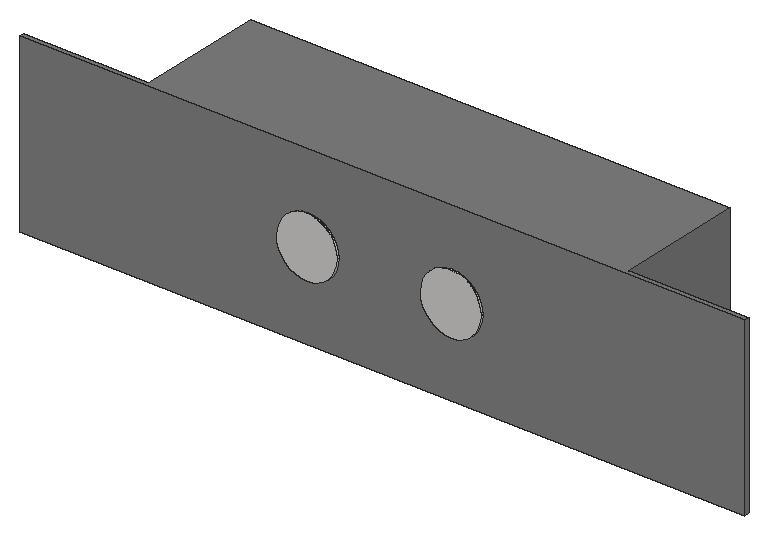
Revit family "S40V", category Generic Models, Revit 2021
Family settings
  Can host rebar = No
  Round Connector Dimension = Use Diameter
  Part Type = Normal
  Work Plane-Based = No
  Always vertical = Yes
  Cut with Voids When Loaded = No
  Shared = No
  Room Calculation Point = No
Parameters
  e-mail = "info@vola.com"
  URL = "http://vola.com"
  Telephone = "+45 7023 5500"
  Quality management standard = "ISO 9001"
  Organisation no. / DUNS no. = "17531328"
  Occupational health and safety management standard = "ISO 18001"
  Mounting Instructions = "http://vola.com/service/producturl.ashx?name=S40V"
  Model = "S40V"
  Materials and components information = "http://vola.com/service/producturl.ashx?name=S40V"
  Manufacturer = "VOLA A/S"
  Maintenance Instructions = "http://vola.com/service/producturl.ashx?name=S40V"
  Guarantee = "2 years"
  Flow = "65,00 l/min"
  Environmental management standard = "ISO 14000"
  Default Elevation = 0.00 mm
  Connection - All relevant connections = "½\" for water connection"
  Approvals = "http://vola.com/service/producturl.ashx?name=S40V"
Reference planes
  plane 1 "Center (Front/Back)": y = 0
  plane 2: z = 0
  plane 3 "Center (Left/Right)": x = 0
  plane 4 "Front Plane": y = -72.2
  plane 5 "Inlet Center Plane": y = -26
  plane 6: z = 47.5
Forms (mm)
  Extrusion 1, solid, material "Stainless Steel"
    sketch origin (1110.5, -3.5, -21.5) x (-1, 0, 0) y (0, 0, -1)
      loop
        circle (1071.5, -69) r 16.5
    from 68 to 68.7
  Extrusion 2, solid, material "Default"
    sketch origin (0, -1, -21.5) x (1, 0, 0) y (0, 1, 0)
      loop
        line (-127.5, 1) -> (-127.5, -68) -> (132.5, -68) -> (132.5, 1) -> (-127.5, 1)
    from 21.5 to 116.5
  Extrusion 3, solid, material "Default"
    sketch origin (0, -1, -21.5) x (1, 0, 0) y (0, 1, 0)
      loop
        line (-195, -68) -> (-195, -70.5) -> (197.5, -70.5) -> (197.5, -68) -> (-195, -68)
    from 21.5 to 116.5
  Extrusion 4, solid, material "Stainless Steel"
    sketch origin (1032.5, -3.5, -21.5) x (-1, 0, 0) y (0, 0, -1)
      loop
        circle (1071.5, -69) r 16.5
    from 68 to 68.7
Cuts and joins
  joined: Extrusion 2, Extrusion 3
Lines and regions (mm)
  reference lines
    curve 1: line (39, -26, 47.5) -> (39, -123.5, 47.5)
    curve 2: line (-39, -26, 47.5) -> (-39, -123.5, 47.5)
    curve 3: line (-39, -38, 47.5) -> (-39, -38, 146.5)
    curve 4: line (39, -38, 47.5) -> (39, -38, 146.5)
    curve 5: line (-39, -27.5, 47.5) -> (-39, -27.5, -51.5)
    curve 6: line (39, -27.5, 47.5) -> (39, -27.5, -51.5)
Dimensions and locks
  aligned and locked: plane 2 to level
  aligned and locked: Extrusion 2 to Extrusion 3
  aligned and locked: Extrusion 3 to Extrusion 2
